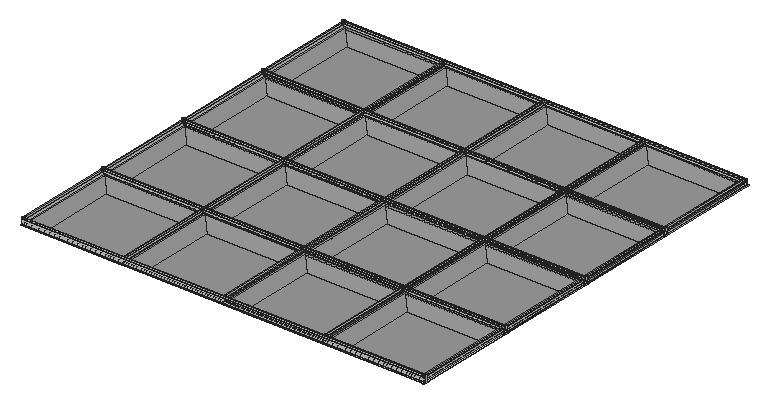
Revit family "GRD-FLD-017_FOLDED GRID 017_RFA", category Modelos genéricos, Revit 2022 (continued)
Forms (in)
  Blend 264, solid
    top sketch origin (0, 48.04767, 0) x (1, 0, 0) y (0, 1, 0)
      loop
        line (0.46955, 24.46879) -> (0.46955, 0.46879) -> (24.37342, 0.46879) -> (24.37342, 24.46879) -> (0.46955, 24.46879)
    from -1.56897 to 1.09697
  Blend 265, void
    base sketch origin (0, 48.04767, 0) x (1, 0, 0) y (0, 1, 0)
      loop
        line (3.31178, 21.59084) -> (3.31178, 3.3141) -> (21.58852, 3.3141) -> (21.58852, 21.59084) -> (3.31178, 21.59084)
    top sketch origin (0, 48.04767, 0) x (1, 0, 0) y (0, 1, 0)
      loop
        line (23.78201, 1.12061) -> (23.78201, 23.78434) -> (1.11828, 23.78434) -> (1.11828, 1.12061) -> (23.78201, 1.12061)
    from -1.09653 to 1.09697
  Blend 266, solid
    base sketch origin (0, 72.11067, 0) x (1, 0, 0) y (0, 1, 0)
      loop
        line (3.11609, 21.78654) -> (3.11609, 3.11841) -> (21.78421, 3.11841) -> (21.78421, 21.78654) -> (3.11609, 21.78654)
    top sketch origin (0, 72.11067, 0) x (1, 0, 0) y (0, 1, 0)
      loop
        line (0.46955, 24.46879) -> (0.46955, 0.46879) -> (24.37342, 0.46879) -> (24.37342, 24.46879) -> (0.46955, 24.46879)
    from -1.56897 to 1.09697
  Blend 267, void
    base sketch origin (0, 72.11067, 0) x (1, 0, 0) y (0, 1, 0)
      loop
        line (3.31178, 21.59084) -> (3.31178, 3.3141) -> (21.58852, 3.3141) -> (21.58852, 21.59084) -> (3.31178, 21.59084)
    top sketch origin (0, 72.11067, 0) x (1, 0, 0) y (0, 1, 0)
      loop
        line (23.78201, 1.12061) -> (23.78201, 23.78434) -> (1.11828, 23.78434) -> (1.11828, 1.12061) -> (23.78201, 1.12061)
    from -1.09653 to 1.09697
  Blend 268, solid
    base sketch origin (24.03649, 0, 0) x (1, 0, 0) y (0, 1, 0)
      loop
        line (3.11609, 21.78654) -> (3.11609, 3.11841) -> (21.78421, 3.11841) -> (21.78421, 21.78654) -> (3.11609, 21.78654)
    top sketch origin (24.03649, 0, 0) x (1, 0, 0) y (0, 1, 0)
      loop
        line (0.46955, 24.46879) -> (0.46955, 0.46879) -> (24.37342, 0.46879) -> (24.37342, 24.46879) -> (0.46955, 24.46879)
    from -1.56897 to 1.09697
  Blend 269, void
    base sketch origin (24.03649, 0, 0) x (1, 0, 0) y (0, 1, 0)
      loop
        line (3.31178, 21.59084) -> (3.31178, 3.3141) -> (21.58852, 3.3141) -> (21.58852, 21.59084) -> (3.31178, 21.59084)
    top sketch origin (24.03649, 0, 0) x (1, 0, 0) y (0, 1, 0)
      loop
        line (23.78201, 1.12061) -> (23.78201, 23.78434) -> (1.11828, 23.78434) -> (1.11828, 1.12061) -> (23.78201, 1.12061)
    from -1.09653 to 1.09697
  Blend 270, solid
    base sketch origin (24.03649, 23.98467, 0) x (1, 0, 0) y (0, 1, 0)
      loop
        line (3.11609, 21.78654) -> (3.11609, 3.11841) -> (21.78421, 3.11841) -> (21.78421, 21.78654) -> (3.11609, 21.78654)
    top sketch origin (24.03649, 23.98467, 0) x (1, 0, 0) y (0, 1, 0)
      loop
        line (0.46955, 24.46879) -> (0.46955, 0.46879) -> (24.37342, 0.46879) -> (24.37342, 24.46879) -> (0.46955, 24.46879)
    from -1.56897 to 1.09697
  Blend 271, void
    base sketch origin (24.03649, 23.98467, 0) x (1, 0, 0) y (0, 1, 0)
      loop
        line (3.31178, 21.59084) -> (3.31178, 3.3141) -> (21.58852, 3.3141) -> (21.58852, 21.59084) -> (3.31178, 21.59084)
    top sketch origin (24.03649, 23.98467, 0) x (1, 0, 0) y (0, 1, 0)
      loop
        line (23.78201, 1.12061) -> (23.78201, 23.78434) -> (1.11828, 23.78434) -> (1.11828, 1.12061) -> (23.78201, 1.12061)
    from -1.09653 to 1.09697
  Blend 272, solid
    base sketch origin (24.03649, 48.04767, 0) x (1, 0, 0) y (0, 1, 0)
      loop
        line (3.11609, 21.78654) -> (3.11609, 3.11841) -> (21.78421, 3.11841) -> (21.78421, 21.78654) -> (3.11609, 21.78654)
    top sketch origin (24.03649, 48.04767, 0) x (1, 0, 0) y (0, 1, 0)
      loop
        line (0.46955, 24.46879) -> (0.46955, 0.46879) -> (24.37342, 0.46879) -> (24.37342, 24.46879) -> (0.46955, 24.46879)
    from -1.56897 to 1.09697
  Blend 273, void
    base sketch origin (24.03649, 48.04767, 0) x (1, 0, 0) y (0, 1, 0)
      loop
        line (3.31178, 21.59084) -> (3.31178, 3.3141) -> (21.58852, 3.3141) -> (21.58852, 21.59084) -> (3.31178, 21.59084)
    top sketch origin (24.03649, 48.04767, 0) x (1, 0, 0) y (0, 1, 0)
      loop
        line (23.78201, 1.12061) -> (23.78201, 23.78434) -> (1.11828, 23.78434) -> (1.11828, 1.12061) -> (23.78201, 1.12061)
    from -1.09653 to 1.09697
  Blend 274, solid
    base sketch origin (24.03649, 72.11067, 0) x (1, 0, 0) y (0, 1, 0)
      loop
        line (3.11609, 21.78654) -> (3.11609, 3.11841) -> (21.78421, 3.11841) -> (21.78421, 21.78654) -> (3.11609, 21.78654)
    top sketch origin (24.03649, 72.11067, 0) x (1, 0, 0) y (0, 1, 0)
      loop
        line (0.46955, 24.46879) -> (0.46955, 0.46879) -> (24.37342, 0.46879) -> (24.37342, 24.46879) -> (0.46955, 24.46879)
    from -1.56897 to 1.09697
  Blend 275, void
    base sketch origin (24.03649, 72.11067, 0) x (1, 0, 0) y (0, 1, 0)
      loop
        line (3.31178, 21.59084) -> (3.31178, 3.3141) -> (21.58852, 3.3141) -> (21.58852, 21.59084) -> (3.31178, 21.59084)
    top sketch origin (24.03649, 72.11067, 0) x (1, 0, 0) y (0, 1, 0)
      loop
        line (23.78201, 1.12061) -> (23.78201, 23.78434) -> (1.11828, 23.78434) -> (1.11828, 1.12061) -> (23.78201, 1.12061)
    from -1.09653 to 1.09697
  Blend 276, solid
    base sketch origin (48.04892, 0, 0) x (1, 0, 0) y (0, 1, 0)
      loop
        line (3.11609, 21.78654) -> (3.11609, 3.11841) -> (21.78421, 3.11841) -> (21.78421, 21.78654) -> (3.11609, 21.78654)
    top sketch origin (48.04892, 0, 0) x (1, 0, 0) y (0, 1, 0)
      loop
        line (0.46955, 24.46879) -> (0.46955, 0.46879) -> (24.37342, 0.46879) -> (24.37342, 24.46879) -> (0.46955, 24.46879)
    from -1.56897 to 1.09697
  Blend 277, void
    base sketch origin (48.04892, 0, 0) x (1, 0, 0) y (0, 1, 0)
      loop
        line (3.31178, 21.59084) -> (3.31178, 3.3141) -> (21.58852, 3.3141) -> (21.58852, 21.59084) -> (3.31178, 21.59084)
    top sketch origin (48.04892, 0, 0) x (1, 0, 0) y (0, 1, 0)
      loop
        line (23.78201, 1.12061) -> (23.78201, 23.78434) -> (1.11828, 23.78434) -> (1.11828, 1.12061) -> (23.78201, 1.12061)
    from -1.09653 to 1.09697
  Blend 278, solid
    base sketch origin (48.04892, 23.98467, 0) x (1, 0, 0) y (0, 1, 0)
      loop
        line (3.11609, 21.78654) -> (3.11609, 3.11841) -> (21.78421, 3.11841) -> (21.78421, 21.78654) -> (3.11609, 21.78654)
    top sketch origin (48.04892, 23.98467, 0) x (1, 0, 0) y (0, 1, 0)
      loop
        line (0.46955, 24.46879) -> (0.46955, 0.46879) -> (24.37342, 0.46879) -> (24.37342, 24.46879) -> (0.46955, 24.46879)
    from -1.56897 to 1.09697
  Blend 279, void
    base sketch origin (48.04892, 23.98467, 0) x (1, 0, 0) y (0, 1, 0)
      loop
        line (3.31178, 21.59084) -> (3.31178, 3.3141) -> (21.58852, 3.3141) -> (21.58852, 21.59084) -> (3.31178, 21.59084)
    top sketch origin (48.04892, 23.98467, 0) x (1, 0, 0) y (0, 1, 0)
      loop
        line (23.78201, 1.12061) -> (23.78201, 23.78434) -> (1.11828, 23.78434) -> (1.11828, 1.12061) -> (23.78201, 1.12061)
    from -1.09653 to 1.09697
  Blend 280, solid
    base sketch origin (48.04892, 48.04767, 0) x (1, 0, 0) y (0, 1, 0)
      loop
        line (3.11609, 21.78654) -> (3.11609, 3.11841) -> (21.78421, 3.11841) -> (21.78421, 21.78654) -> (3.11609, 21.78654)
    top sketch origin (48.04892, 48.04767, 0) x (1, 0, 0) y (0, 1, 0)
      loop
        line (0.46955, 24.46879) -> (0.46955, 0.46879) -> (24.37342, 0.46879) -> (24.37342, 24.46879) -> (0.46955, 24.46879)
    from -1.56897 to 1.09697
  Blend 281, void
    base sketch origin (48.04892, 48.04767, 0) x (1, 0, 0) y (0, 1, 0)
      loop
        line (3.31178, 21.59084) -> (3.31178, 3.3141) -> (21.58852, 3.3141) -> (21.58852, 21.59084) -> (3.31178, 21.59084)
    top sketch origin (48.04892, 48.04767, 0) x (1, 0, 0) y (0, 1, 0)
      loop
        line (23.78201, 1.12061) -> (23.78201, 23.78434) -> (1.11828, 23.78434) -> (1.11828, 1.12061) -> (23.78201, 1.12061)
    from -1.09653 to 1.09697
  Blend 282, solid
    base sketch origin (48.04892, 72.11067, 0) x (1, 0, 0) y (0, 1, 0)
      loop
        line (3.11609, 21.78654) -> (3.11609, 3.11841) -> (21.78421, 3.11841) -> (21.78421, 21.78654) -> (3.11609, 21.78654)
    top sketch origin (48.04892, 72.11067, 0) x (1, 0, 0) y (0, 1, 0)
      loop
        line (0.46955, 24.46879) -> (0.46955, 0.46879) -> (24.37342, 0.46879) -> (24.37342, 24.46879) -> (0.46955, 24.46879)
    from -1.56897 to 1.09697
  Blend 283, void
    base sketch origin (48.04892, 72.11067, 0) x (1, 0, 0) y (0, 1, 0)
      loop
        line (3.31178, 21.59084) -> (3.31178, 3.3141) -> (21.58852, 3.3141) -> (21.58852, 21.59084) -> (3.31178, 21.59084)
    top sketch origin (48.04892, 72.11067, 0) x (1, 0, 0) y (0, 1, 0)
      loop
        line (23.78201, 1.12061) -> (23.78201, 23.78434) -> (1.11828, 23.78434) -> (1.11828, 1.12061) -> (23.78201, 1.12061)
    from -1.09653 to 1.09697
  Blend 284, solid
    base sketch origin (72.07651, 0, 0) x (1, 0, 0) y (0, 1, 0)
      loop
        line (3.11609, 21.78654) -> (3.11609, 3.11841) -> (21.78421, 3.11841) -> (21.78421, 21.78654) -> (3.11609, 21.78654)
    top sketch origin (72.07651, 0, 0) x (1, 0, 0) y (0, 1, 0)
      loop
        line (0.46955, 24.46879) -> (0.46955, 0.46879) -> (24.37342, 0.46879) -> (24.37342, 24.46879) -> (0.46955, 24.46879)
    from -1.56897 to 1.09697
  Blend 285, void
    base sketch origin (72.07651, 0, 0) x (1, 0, 0) y (0, 1, 0)
      loop
        line (3.31178, 21.59084) -> (3.31178, 3.3141) -> (21.58852, 3.3141) -> (21.58852, 21.59084) -> (3.31178, 21.59084)
    top sketch origin (72.07651, 0, 0) x (1, 0, 0) y (0, 1, 0)
      loop
        line (23.78201, 1.12061) -> (23.78201, 23.78434) -> (1.11828, 23.78434) -> (1.11828, 1.12061) -> (23.78201, 1.12061)
    from -1.09653 to 1.09697
  Blend 286, solid
    base sketch origin (72.07651, 23.98467, 0) x (1, 0, 0) y (0, 1, 0)
      loop
        line (3.11609, 21.78654) -> (3.11609, 3.11841) -> (21.78421, 3.11841) -> (21.78421, 21.78654) -> (3.11609, 21.78654)
    top sketch origin (72.07651, 23.98467, 0) x (1, 0, 0) y (0, 1, 0)
      loop
        line (0.46955, 24.46879) -> (0.46955, 0.46879) -> (24.37342, 0.46879) -> (24.37342, 24.46879) -> (0.46955, 24.46879)
    from -1.56897 to 1.09697
  Blend 287, void
    base sketch origin (72.07651, 23.98467, 0) x (1, 0, 0) y (0, 1, 0)
      loop
        line (3.31178, 21.59084) -> (3.31178, 3.3141) -> (21.58852, 3.3141) -> (21.58852, 21.59084) -> (3.31178, 21.59084)
    top sketch origin (72.07651, 23.98467, 0) x (1, 0, 0) y (0, 1, 0)
      loop
        line (23.78201, 1.12061) -> (23.78201, 23.78434) -> (1.11828, 23.78434) -> (1.11828, 1.12061) -> (23.78201, 1.12061)
    from -1.09653 to 1.09697
  Blend 288, solid
    base sketch origin (72.07651, 48.04767, 0) x (1, 0, 0) y (0, 1, 0)
      loop
        line (3.11609, 21.78654) -> (3.11609, 3.11841) -> (21.78421, 3.11841) -> (21.78421, 21.78654) -> (3.11609, 21.78654)
    top sketch origin (72.07651, 48.04767, 0) x (1, 0, 0) y (0, 1, 0)
      loop
        line (0.46955, 24.46879) -> (0.46955, 0.46879) -> (24.37342, 0.46879) -> (24.37342, 24.46879) -> (0.46955, 24.46879)
    from -1.56897 to 1.09697
  Blend 289, void
    base sketch origin (72.07651, 48.04767, 0) x (1, 0, 0) y (0, 1, 0)
      loop
        line (3.31178, 21.59084) -> (3.31178, 3.3141) -> (21.58852, 3.3141) -> (21.58852, 21.59084) -> (3.31178, 21.59084)
    top sketch origin (72.07651, 48.04767, 0) x (1, 0, 0) y (0, 1, 0)
      loop
        line (23.78201, 1.12061) -> (23.78201, 23.78434) -> (1.11828, 23.78434) -> (1.11828, 1.12061) -> (23.78201, 1.12061)
    from -1.09653 to 1.09697
  Blend 290, solid
    base sketch origin (72.07651, 72.11067, 0) x (1, 0, 0) y (0, 1, 0)
      loop
        line (3.11609, 21.78654) -> (3.11609, 3.11841) -> (21.78421, 3.11841) -> (21.78421, 21.78654) -> (3.11609, 21.78654)
    top sketch origin (72.07651, 72.11067, 0) x (1, 0, 0) y (0, 1, 0)
      loop
        line (0.46955, 24.46879) -> (0.46955, 0.46879) -> (24.37342, 0.46879) -> (24.37342, 24.46879) -> (0.46955, 24.46879)
    from -1.56897 to 1.09697
  Blend 291, void
    base sketch origin (72.07651, 72.11067, 0) x (1, 0, 0) y (0, 1, 0)
      loop
        line (3.31178, 21.59084) -> (3.31178, 3.3141) -> (21.58852, 3.3141) -> (21.58852, 21.59084) -> (3.31178, 21.59084)
    top sketch origin (72.07651, 72.11067, 0) x (1, 0, 0) y (0, 1, 0)
      loop
        line (23.78201, 1.12061) -> (23.78201, 23.78434) -> (1.11828, 23.78434) -> (1.11828, 1.12061) -> (23.78201, 1.12061)
    from -1.09653 to 1.09697
Cuts and joins
  Blend 260, Blend 263, Blend 269 cuts Blend 258
  Blend 263, Blend 265, Blend 271 cuts Blend 262
  Blend 265, Blend 267, Blend 273 cuts Blend 264
  Blend 267, Blend 275 cuts Blend 266
  Blend 269, Blend 277 cuts Blend 268
  Blend 271, Blend 279 cuts Blend 270
  Blend 273, Blend 281 cuts Blend 272
  Blend 275, Blend 283 cuts Blend 274
  Blend 277, Blend 285 cuts Blend 276
  Blend 279, Blend 287 cuts Blend 278
  Blend 281, Blend 289 cuts Blend 280
  Blend 283, Blend 291 cuts Blend 282
  Blend 285 cuts Blend 284
  Blend 287 cuts Blend 286
  Blend 289 cuts Blend 288
  Blend 291 cuts Blend 290
Dimensions and locks (in)
  aligned and locked: level to plane 2
